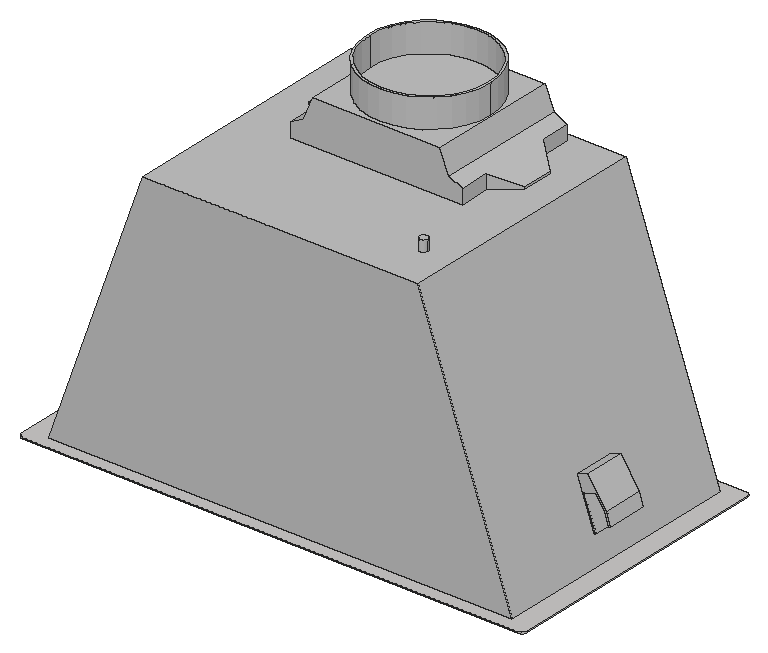
Revit family "FP_Revit_18_HP60ICSX2_Rangehood_90000956A", category Specialty Equipment, Revit 2018
Family settings
  Round Connector Dimension = Use Diameter
  Part Type = Normal
  OmniClass Number = 23.40.40.00
  OmniClass Title = Food Service Equipment and Furnishings
  Work Plane-Based = No
  Always vertical = Yes
  Cut with Voids When Loaded = Yes
  Shared = No
  Room Calculation Point = No
Parameters
  Visibility - Clearance Required = yes
  URL = "www.fisherpaykel.com"
  Product - Width = 492 mm  # constant formula
  Product - Height = 331 mm  # constant formula
  Product - Depth = 277 mm  # constant formula
  Model = "HP60ICSX2"
  Material - Trim = Fisher & Paykel - Stainless Steel
  Material - Glass = Fisher & Paykel - White Bezel
  Material - Body = Fisher & Paykel - Grey
  Manufacturer = "Fisher & Paykel Appliances"
  Keynote = ""
  FFL Offset [instance] = 1550 mm
  Description = "60cm Built-in Integrated Rangehood"
  Connector Description - Extraction = "Use rigid or semi-rigid ducting 150mm or 120mm diameter, 740 m³/hr"
  Connector Description - Electrical = "220-240 V, 50Hz, 15 A fused electrical supply"
  Chassis - Width = 450 mm  # constant formula
  Chassis - Height = 260 mm  # constant formula
  Chassis - Depth = 253 mm  # constant formula
  Cavity - Width = 455 mm  # constant formula
  Cavity - Height = 340 mm  # constant formula
  Cavity - Depth = 255 mm  # constant formula
Reference planes
  plane 1 "Center (Front/Back)": y = 0
  plane 2: z = 0
  plane 3 "Center (Left/Right)": x = 0
  plane 4 "Product - LHS": x = -246
  plane 5 "Product - RHS": x = 246
  plane 6 "Product - Rear": y = 138.5
  plane 7 "Cavity - Rear": y = 127.5
  plane 8 "Chassis - LHS": x = -224.983
  plane 9 "Chassis - RHS": x = 224.983
  plane 10 "Product - Front": y = -138.5
  plane 11 "Cavity - Front": y = -127.5
  plane 12 "Chassis - Rear": y = 126.5
  plane 13 "Chassis - Front": y = -126.5
  plane 14 "Cavity - RHS": x = 227.5
  plane 15 "Cavity - LHS": x = -227.5
  plane 16 "FFL Offset": z = 1550
  plane 17 "Frame": z = 1549
Forms (mm)
  Extrusion 1, solid, material "Fisher & Paykel - Grey" <- "Material - Body"
    sketch origin (0, -127.5, 0) x (-1, 0, 0) y (0, 0, 1)
      loop
        line (-133.5, 1810) -> (-224.983, 1550) -> (224.983, 1550) -> (133.5, 1810) -> (-133.5, 1810)
    from 1 to 254
  Extrusion 2, solid, material "Fisher & Paykel - Stainless Steel" <- "Material - Trim"
    sketch origin (0, 0, 0) x (1, 0, 0) y (0, 1, 0)
      loop
        line (-241, -138.5) -> (241, -138.5)
        arc (241, -138.5) -> (244.536, -137.036) -> (246, -133.5) r 5
        line (246, -133.5) -> (246, 133.5)
        arc (246, 133.5) -> (244.536, 137.036) -> (241, 138.5) r 5
        line (241, 138.5) -> (-241, 138.5)
        arc (-241, 138.5) -> (-244.536, 137.036) -> (-246, 133.5) r 5
        line (-246, 133.5) -> (-246, -133.5)
        arc (-246, -133.5) -> (-244.536, -137.036) -> (-241, -138.5) r 5
      loop
        line (-219, -49.5) -> (219, -49.5) -> (219, 111.5) -> (-219, 111.5) -> (-219, -49.5)
      loop
        circle (170, -92.5) r 25.003
      loop
        circle (-170, -92.5) r 25.003
      loop
        line (100, -75.5) -> (19, -75.5)
        arc (19, -75.5) -> (12, -82.5) -> (19, -89.5) r 7
        line (19, -89.5) -> (100, -89.5)
        arc (100, -89.5) -> (107, -82.5) -> (100, -75.5) r 7
      loop
        arc (-100, -75.5) -> (-107, -82.5) -> (-100, -89.5) r 7
        line (-100, -89.5) -> (-12, -89.5)
        arc (-12, -89.5) -> (-5, -82.5) -> (-12, -75.5) r 7
        line (-12, -75.5) -> (-100, -75.5)
      loop
        circle (4, -86) r 5
    from 1549 to 1550
  Extrusion 3, solid, material "Fisher & Paykel - Grey"
    sketch origin (0, 0, 0) x (1, 0, 0) y (0, 1, 0)
      loop
        circle (0, 54.5) r 60
      loop
        circle (0, 54.5) r 58
    from 1852 to 1880
  Extrusion 4, solid, material "Fisher & Paykel - Grey" <- "Material - Body"
    sketch origin (0, 0, -1) x (1, 0, 0) y (0, 1, 0)
      loop
        line (-83.5, 117.5) -> (-83.5, 88.5) -> (-105, 68.5) -> (-105, 39.5) -> (-83.5, 19.5) -> (-83.5, -9.5) -> (83.5, -9.5) -> (83.5, 19.5) -> (105, 39.5) -> (105, 69.5) -> (83.5, 88.5) -> (83.5, 117.5) -> (-83.5, 117.5)
    from 1811 to 1853
  Extrusion 5, solid, material "Fisher & Paykel - Grey" <- "Material - Body", detail levels fine
    sketch origin (0, 0, 0) x (1, 0, 0) y (0, 1, 0)
      loop
        circle (103.5, -81.5) r 4
    from 1810 to 1820
  Extrusion 6, solid, material "Fisher & Paykel - Clearance Required", visible <- "Visibility - Clearance Required", detail levels coarse
    sketch origin (0, 0, 0) x (1, 0, 0) y (0, 1, 0)
      loop
        circle (0, 54.5) r 65
    from 1890 to 1940
  Extrusion 7, solid, material "Fisher & Paykel - White Bezel" <- "Material - Glass"
    sketch origin (0, 0, 0) x (1, 0, 0) y (0, 1, 0)
      loop
        circle (170, -92.5) r 22
      loop
        circle (-170, -92.5) r 22
    from 1549 to 1552
  Extrusion 8, solid, material "Fisher & Paykel - Grey" <- "Material - Body", detail levels medium+fine
    sketch origin (0, 0, 0) x (1, 0, 0) y (0, 0, 1)
      loop
        line (-218.781, 1573.697) -> (-216.88, 1573.028) -> (-200.3, 1620.152) -> (-211.604, 1624.129) -> (-229.822, 1596.983) -> (-233.805, 1585.664) -> (-231.919, 1585) -> (-227.936, 1596.319) -> (-219.266, 1609.911) -> (-207.496, 1605.77) -> (-218.781, 1573.697)
      loop
        line (218.781, 1573.697) -> (207.496, 1605.77) -> (219.266, 1609.911) -> (227.936, 1596.319) -> (231.919, 1585) -> (233.805, 1585.664) -> (229.822, 1596.983) -> (211.604, 1624.129) -> (200.3, 1620.152) -> (216.88, 1573.028) -> (218.781, 1573.697)
    from -22.545 to 16.564
  Extrusion 9, void
    sketch origin (0, 0, 0) x (1, 0, 0) y (0, 0, 1)
      loop
        line (-62, 1852) -> (-105, 1852) -> (-105, 1812) -> (-70.625, 1831.09) -> (-62, 1852)
      loop
        line (62, 1852) -> (70.625, 1831.09) -> (105, 1812) -> (105, 1852) -> (62, 1852)
    from -118.5 to 9.5
  Extrusion 10, solid, material "Fisher & Paykel - Clearance Required", visible <- "Visibility - Clearance Required", detail levels coarse
    sketch origin (0, 0, 0) x (1, 0, 0) y (0, 1, 0)
      loop
        line (227.5, 127.5) -> (-227.5, 127.5) -> (-227.5, -127.5) -> (227.5, -127.5) -> (227.5, 127.5)
    from 1550 to 1890
  Extrusion 11, void
    sketch origin (0, 0, 0) x (1, 0, 0) y (0, 1, 0)
      loop
        circle (0, 54.5) r 65
    from 1890 to 1940
  Extrusion 12, void
    sketch origin (0, 0, 0) x (1, 0, 0) y (0, 1, 0)
      loop
        line (227.5, 127.5) -> (-227.5, 127.5) -> (-227.5, -127.5) -> (227.5, -127.5) -> (227.5, 127.5)
    from 1550 to 1890
  Extrusion 13, solid, material "Fisher & Paykel - Stainless Steel" <- "Material - Trim", detail levels fine
    sketch origin (0, 0, 0) x (1, 0, 0) y (0, 1, 0)
      loop
        line (-218, -47.5) -> (218, -47.5) -> (218, 110.5) -> (-218, 110.5) -> (-218, -47.5)
      loop
        line (208, 100.5) -> (-208, 100.5) -> (-208, -37.5) -> (208, -37.5) -> (208, -10.5) -> (173, -10.5)
        arc (173, -10.5) -> (169.464, -9.036) -> (168, -5.5) r 5
        line (168, -5.5) -> (168, 69.5)
        arc (168, 69.5) -> (169.464, 73.036) -> (173, 74.5) r 5
        line (173, 74.5) -> (208, 74.5) -> (208, 100.5)
      loop
        line (-77, -88.5) -> (-71, -88.5) -> (-71, -76.5) -> (-77, -76.5) -> (-77, -88.5)
      loop
        line (-47, -88.5) -> (-41, -88.5) -> (-41, -76.5) -> (-47, -76.5) -> (-47, -88.5)
      loop
        line (50, -88.5) -> (56, -88.5) -> (56, -76.5) -> (50, -76.5) -> (50, -88.5)
      loop
        line (190, 11) -> (199, 11)
        arc (199, 11) -> (202.536, 12.464) -> (204, 16) r 5
        line (204, 16) -> (204, 48)
        arc (204, 48) -> (202.536, 51.536) -> (199, 53) r 5
        line (199, 53) -> (190, 53)
        arc (190, 53) -> (186.464, 51.536) -> (185, 48) r 5
        line (185, 48) -> (185, 16)
        arc (185, 16) -> (186.464, 12.464) -> (190, 11) r 5
    from 1549 to 1550
Cuts and joins
  Extrusion 9 cuts Extrusion 4
Text (mm)
  text "Due to ongoing product development, product details are subject to change without notice. \nPlease always refer to www.fisherpaykel.com for the most current product information. \n© Fisher & Paykel 2020" at (41.04, -1044.323, 0), in view "Ref. Level (Plan)"
Dimensions and locks
  equal spacing: plane 4 "Product - LHS", plane 3 "Center (Left/Right)", plane 5 "Product - RHS"
  equal spacing: plane 8 "Chassis - LHS", plane 3 "Center (Left/Right)", plane 9 "Chassis - RHS"
  equal spacing: plane 11 "Cavity - Front", plane 1 "Center (Front/Back)", plane 7 "Cavity - Rear"
  equal spacing: plane 12 "Chassis - Rear", plane 1 "Center (Front/Back)", plane 13 "Chassis - Front"
  equal spacing: plane 6 "Product - Rear", plane 1 "Center (Front/Back)", plane 10 "Product - Front"
  "Cavity - Depth": plane 11 "Cavity - Front" to plane 7 "Cavity - Rear"
  "Product - Depth": plane 6 "Product - Rear" to plane 10 "Product - Front"
  "Product - Width": plane 4 "Product - LHS" to plane 5 "Product - RHS"
  "Chassis - Depth": plane 12 "Chassis - Rear" to plane 13 "Chassis - Front"
  equal spacing: plane 15 "Cavity - LHS", plane 3 "Center (Left/Right)", plane 14 "Cavity - RHS"
  "Cavity - Width": plane 15 "Cavity - LHS" to plane 14 "Cavity - RHS"
  plane 8 "Chassis - LHS" to plane 9 "Chassis - RHS" = 449.966 mm
  "FFL Offset": level to plane 16 "FFL Offset"
  "Chassis - Height": plane 16 "FFL Offset" to Extrusion 1
  locked: plane 16 "FFL Offset" to cut or joined group of Extrusion 4, Extrusion 9 at 302
  locked: Extrusion 8 sketch curve to plane 16 "FFL Offset" at 23.028  (x2)
  locked: Extrusion 8 sketch curve to plane 16 "FFL Offset" at 35  (x2)
  locked: Extrusion 8 sketch curve to plane 16 "FFL Offset" at 74.129  (x2)
  locked: Extrusion 3 to plane 16 "FFL Offset" at 330
  locked: plane 17 "Frame" to plane 16 "FFL Offset" at 1
  locked: Extrusion 7 to plane 17 "Frame" at 3
  locked: Extrusion 5 to plane 16 "FFL Offset" at 270
  locked: cut or joined group of Extrusion 4, Extrusion 9 to Extrusion 9 sketch curve at 40  (x2)
  "Cavity - Height": Extrusion 10 to plane 16 "FFL Offset"
  locked: Extrusion 6 to plane 16 "FFL Offset" at 390
  "Product - Height": Extrusion 3 to plane 17 "Frame"
  aligned and locked: level to plane 2
  aligned and locked: plane 12 "Chassis - Rear" to Extrusion 1
  aligned and locked: Extrusion 1 to plane 13 "Chassis - Front"
  aligned and locked: plane 16 "FFL Offset" to Extrusion 1 sketch curve
  aligned and locked: Extrusion 4 to Extrusion 1
  aligned and locked: Extrusion 3 to cut or joined group of Extrusion 4, Extrusion 9
  aligned and locked: Extrusion 2 to Extrusion 1
  aligned and locked: Extrusion 2 to plane 17 "Frame"
  aligned and locked: Extrusion 13 to Extrusion 1
  aligned and locked: Extrusion 2 to Extrusion 13
  aligned and locked: Extrusion 2 to Extrusion 7
  aligned and locked: Extrusion 5 to Extrusion 1
  aligned and locked: Extrusion 9 sketch curve to Extrusion 9 sketch curve
  aligned and locked: Extrusion 9 sketch curve to cut or joined group of Extrusion 4, Extrusion 9
  aligned and locked: Extrusion 10 to Extrusion 1
  aligned and locked: Extrusion 6 to Extrusion 10
  aligned and locked: Extrusion 12 to Extrusion 6
  aligned and locked: Extrusion 12 to Extrusion 1
  aligned and locked: Extrusion 11 to Extrusion 6  (x2)
Automatic sketch dimensions
  Extrusion 3 sketch curve to Extrusion 3 sketch curve = 0 mm  (x2)
  Extrusion 3 sketch curve to plane 3 "Center (Left/Right)" = 0 mm
  Extrusion 3 sketch curve to plane 1 "Center (Front/Back)" = 54.5 mm
  Extrusion 4 sketch curve to plane 1 "Center (Front/Back)" = 39.5 mm  (x2)
  Extrusion 4 sketch curve to plane 3 "Center (Left/Right)" = 105 mm
  Extrusion 4 sketch curve to plane 12 "Chassis - Rear" = 38 mm
  Extrusion 4 sketch curve to Extrusion 4 sketch curve = 21.5 mm  (x3)
  plane 1 "Center (Front/Back)" to Extrusion 4 sketch curve = 9.5 mm
  Extrusion 4 sketch curve to plane 1 "Center (Front/Back)" = 19.5 mm  (x2)
  plane 3 "Center (Left/Right)" to Extrusion 4 sketch curve = 83.5 mm
  Extrusion 4 sketch curve to Extrusion 4 sketch curve = 0 mm
  Extrusion 4 sketch curve to Extrusion 4 sketch curve = 29 mm
  Extrusion 4 sketch curve to Extrusion 4 sketch curve = 30 mm
  Extrusion 4 sketch curve to Extrusion 4 sketch curve = 19 mm
  Extrusion 4 sketch curve to plane 12 "Chassis - Rear" = 9 mm
  plane 13 "Chassis - Front" to Extrusion 5 sketch curve = 45 mm
  plane 3 "Center (Left/Right)" to Extrusion 5 sketch curve = 103.5 mm
  Extrusion 6 sketch curve to plane 3 "Center (Left/Right)" = 0 mm
  Extrusion 6 sketch curve to plane 1 "Center (Front/Back)" = 54.5 mm
  Extrusion 7 sketch curve to plane 8 "Chassis - LHS" = 54.983 mm
  Extrusion 7 sketch curve to plane 9 "Chassis - RHS" = 54.983 mm
  plane 13 "Chassis - Front" to Extrusion 7 sketch curve = 34 mm  (x2)
  plane 15 "Cavity - LHS" to Extrusion 8 sketch curve = 6.305 mm
  Extrusion 8 sketch curve to Extrusion 8 sketch curve = 1.887 mm  (x3)
  plane 15 "Cavity - LHS" to Extrusion 8 sketch curve = 2.322 mm
  plane 15 "Cavity - LHS" to Extrusion 8 sketch curve = 0.436 mm
  Extrusion 8 sketch curve to plane 8 "Chassis - LHS" = 5.717 mm
  Extrusion 8 sketch curve to plane 8 "Chassis - LHS" = 6.202 mm
  Extrusion 8 sketch curve to Extrusion 8 sketch curve = 1.9 mm  (x2)
  Extrusion 8 sketch curve to Extrusion 8 sketch curve = 11.77 mm
  Extrusion 8 sketch curve to Extrusion 8 sketch curve = 11.304 mm  (x2)
  Extrusion 8 sketch curve to Extrusion 8 sketch curve = 7.196 mm
  Extrusion 8 sketch curve to plane 9 "Chassis - RHS" = 8.103 mm
  Extrusion 8 sketch curve to plane 9 "Chassis - RHS" = 5.717 mm
  plane 14 "Cavity - RHS" to Extrusion 8 sketch curve = 0.436 mm
  plane 14 "Cavity - RHS" to Extrusion 8 sketch curve = 4.419 mm
  Extrusion 8 sketch curve to Extrusion 8 sketch curve = 0.669 mm  (x2)
  Extrusion 8 sketch curve to Extrusion 8 sketch curve = 0.664 mm  (x2)
  plane 7 "Cavity - Rear" to Extrusion 10 sketch curve = 0 mm
  Extrusion 10 sketch curve to plane 15 "Cavity - LHS" = 0 mm
  Extrusion 10 sketch curve to plane 11 "Cavity - Front" = 0 mm
  Extrusion 10 sketch curve to plane 14 "Cavity - RHS" = 0 mm
  Extrusion 11 sketch curve to plane 3 "Center (Left/Right)" = 0 mm
  Extrusion 11 sketch curve to plane 1 "Center (Front/Back)" = 54.5 mm
  plane 7 "Cavity - Rear" to Extrusion 12 sketch curve = 0 mm
  Extrusion 12 sketch curve to plane 15 "Cavity - LHS" = 0 mm
  Extrusion 12 sketch curve to plane 11 "Cavity - Front" = 0 mm
  Extrusion 12 sketch curve to plane 14 "Cavity - RHS" = 0 mm
  Extrusion 13 sketch curve to plane 8 "Chassis - LHS" = 6.983 mm
  Extrusion 13 sketch curve to Extrusion 13 sketch curve = 10 mm  (x3)
  plane 13 "Chassis - Front" to Extrusion 13 sketch curve = 38 mm  (x2)
  Extrusion 13 sketch curve to plane 3 "Center (Left/Right)" = 77 mm
  Extrusion 13 sketch curve to Extrusion 13 sketch curve = 6 mm  (x3)
  Extrusion 13 sketch curve to Extrusion 13 sketch curve = 24 mm
  plane 3 "Center (Left/Right)" to Extrusion 13 sketch curve = 50 mm
  plane 1 "Center (Front/Back)" to Extrusion 13 sketch curve = 5.5 mm
  Extrusion 13 sketch curve to plane 9 "Chassis - RHS" = 56.983 mm
  Extrusion 13 sketch curve to Extrusion 13 sketch curve = 5 mm  (x5)
  Extrusion 13 sketch curve to Extrusion 13 sketch curve = 12 mm  (x4)
  Extrusion 13 sketch curve to Extrusion 13 sketch curve = 9 mm  (x2)
  Extrusion 13 sketch curve to plane 9 "Chassis - RHS" = 16.983 mm  (x2)
  Extrusion 13 sketch curve to plane 9 "Chassis - RHS" = 6.983 mm
  Extrusion 13 sketch curve to Extrusion 13 sketch curve = 0 mm
  plane 1 "Center (Front/Back)" to Extrusion 13 sketch curve = 47.5 mm
  Extrusion 13 sketch curve to plane 1 "Center (Front/Back)" = 11 mm
  Extrusion 13 sketch curve to Extrusion 13 sketch curve = 32 mm
  Extrusion 13 sketch curve to Extrusion 13 sketch curve = 16.5 mm
  Extrusion 13 sketch curve to plane 12 "Chassis - Rear" = 26 mm
  Extrusion 2 sketch curve to plane 4 "Product - LHS" = 0 mm
  Extrusion 2 sketch curve to plane 5 "Product - RHS" = 0 mm
  Extrusion 2 sketch curve to Extrusion 2 sketch curve = 5 mm
  plane 6 "Product - Rear" to Extrusion 2 sketch curve = 0 mm
  Extrusion 2 sketch curve to plane 4 "Product - LHS" = 5 mm
  Extrusion 2 sketch curve to plane 8 "Chassis - LHS" = 5.983 mm
  Extrusion 2 sketch curve to plane 8 "Chassis - LHS" = 54.983 mm
  Extrusion 2 sketch curve to Extrusion 2 sketch curve = 70 mm
  Extrusion 2 sketch curve to plane 3 "Center (Left/Right)" = 12 mm
  plane 3 "Center (Left/Right)" to Extrusion 2 sketch curve = 4 mm
  Extrusion 2 sketch curve to Extrusion 2 sketch curve = 15 mm
  Extrusion 2 sketch curve to Extrusion 2 sketch curve = 81 mm
  Extrusion 2 sketch curve to plane 9 "Chassis - RHS" = 54.983 mm
  Extrusion 2 sketch curve to plane 10 "Product - Front" = 0 mm
  plane 5 "Product - RHS" to Extrusion 2 sketch curve = 5 mm
  Extrusion 2 sketch curve to plane 6 "Product - Rear" = 5 mm
  plane 13 "Chassis - Front" to Extrusion 2 sketch curve = 34 mm  (x2)
  plane 13 "Chassis - Front" to Extrusion 2 sketch curve = 37 mm
  Extrusion 2 sketch curve to Extrusion 2 sketch curve = 0 mm
  Extrusion 2 sketch curve to Extrusion 2 sketch curve = 3.5 mm
  Extrusion 2 sketch curve to Extrusion 2 sketch curve = 7 mm  (x2)
  plane 1 "Center (Front/Back)" to Extrusion 2 sketch curve = 49.5 mm
  Extrusion 2 sketch curve to plane 12 "Chassis - Rear" = 15 mm
  Extrusion 2 sketch curve to plane 9 "Chassis - RHS" = 5.983 mm
  Extrusion 1 sketch curve to plane 9 "Chassis - RHS" = 0 mm
  Extrusion 1 sketch curve to plane 9 "Chassis - RHS" = 91.483 mm
  Extrusion 1 sketch curve to plane 8 "Chassis - LHS" = 91.483 mm
  Extrusion 1 sketch curve to plane 8 "Chassis - LHS" = 0 mm
  Extrusion 1 sketch curve to plane 16 "FFL Offset" = 260 mm
  Extrusion 9 sketch curve to plane 3 "Center (Left/Right)" = 105 mm
  Extrusion 9 sketch curve to Extrusion 9 sketch curve = 34.375 mm  (x2)
  Extrusion 9 sketch curve to Extrusion 9 sketch curve = 8.625 mm  (x2)
  plane 3 "Center (Left/Right)" to Extrusion 9 sketch curve = 62 mm
  Extrusion 9 sketch curve to Extrusion 9 sketch curve = 19.09 mm  (x2)
  radius of Extrusion 3 sketch curve = 60 mm
  radius of Extrusion 3 sketch curve = 58 mm
  radius of Extrusion 5 sketch curve = 4 mm
  radius of Extrusion 6 sketch curve = 65 mm
  radius of Extrusion 7 sketch curve = 22 mm  (x2)
  radius of Extrusion 11 sketch curve = 65 mm
  radius of Extrusion 2 sketch curve = 25.003 mm  (x2)
  radius of Extrusion 2 sketch curve = 5 mm
Connectors
  electrical at (103.5, -81.5, 1820), driven by "Connector Description - Electrical"
    settings: on Extrusion 5, index 1, voltage 230 V, apparent load 0 VA, apparent load phase1 0 VA, apparent load phase2 0 VA, apparent load phase3 0 VA, power factor 1, load classification "Other", number of poles 1, system type 30, power factor state 1, is connector primary yes, connector utility no, sub classification motor no, connector description "220-240 V, 50Hz, 15 A fused electrical supply"
  hvac at (0, 54.5, 1880), driven by "Connector Description - Extraction"
    settings: on Extrusion 3, index 2, duct flow 0.0 L/s, flow factor 0, pres drop 0.0 Pa, loss coef 0, conn angle 0.00°, conn width 304.8 mm, conn height 304.8 mm, conn diameter 120 mm, duct sys type 4, conn prof type 0, flow config 0, flow direction 2, loss method 0, conn ref index -1, conn util no, is conn primary yes, conn desc "Use rigid or semi-rigid ducting 150mm or 120mm diameter, 740 m³/hr"
